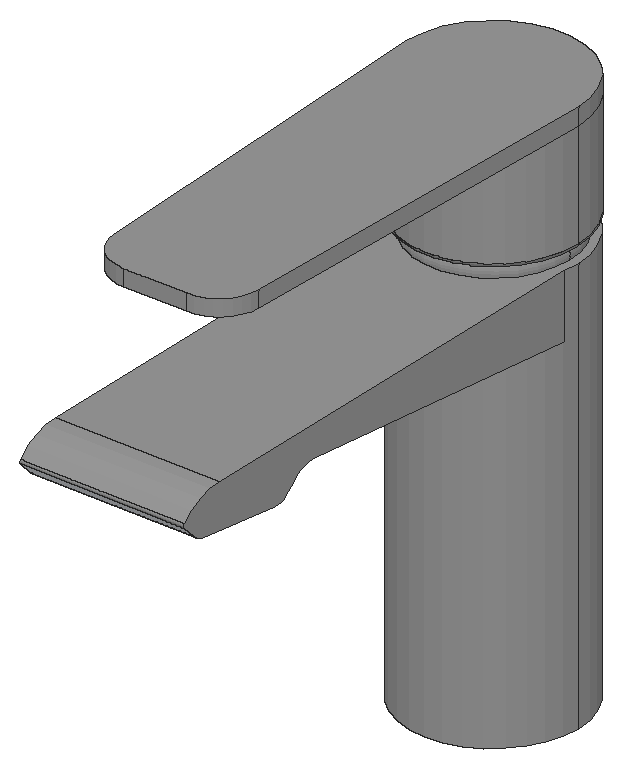
Revit family "LAV URBAN", category Plumbing Fixtures, Revit 2019
Family settings
  Round Connector Dimension = Use Diameter
  Part Type = Normal
  OmniClass Number = 23.45.00.00
  OmniClass Title = Sanitary, Laundry, and Cleaning Equipment
  Work Plane-Based = No
  Always vertical = Yes
  Cut with Voids When Loaded = No
  Shared = No
  Room Calculation Point = No
Reference planes
  plane 1 "Center (Front/Back)": y = 0
  plane 2: z = 0
  plane 3 "Center (Left/Right)": x = 0
Forms (mm)
  Revolve 1, solid
    sketch origin (0, 0, 0) x (1, 0, 0) y (0, 0, 1)
      loop
        line (0, 0) -> (21, 0) -> (21, 102.5) -> (18.733, 102.5)
        arc (18.733, 102.5) -> (18.612, 104.438) -> (17.459, 106) r 3.429
        line (17.459, 106) -> (20.103, 106)
        arc (20.103, 106) -> (20.737, 106.263) -> (21, 106.897) r 0.897
        line (21, 106.897) -> (21, 133) -> (0, 133) -> (0, 0)
      axis (0, 0) -> (0, 133)
    angle from 0 to 360
  Extrusion 2, solid
    sketch origin (0, 0, 0) x (0, 1, 0) y (0, 0, 1)
      loop
        line (0, 102.5) -> (-110, 102.5)
        arc (-110, 102.5) -> (-115.813, 101.328) -> (-120.717, 97.995) r 15
        arc (-120.717, 97.995) -> (-120.931, 97.467) -> (-120.712, 96.943) r 0.748
        line (-120.712, 96.943) -> (-117.498, 93.729)
        arc (-117.498, 93.729) -> (-116.384, 92.93) -> (-115.073, 92.53) r 4.218
        line (-115.073, 92.53) -> (-93.08, 89.598)
        arc (-93.08, 89.598) -> (-90.816, 89.818) -> (-88.884, 91.019) r 5
        line (-88.884, 91.019) -> (-87.267, 92.636)
        arc (-87.267, 92.636) -> (-84.28, 94.52) -> (-80.773, 94.935) r 8
        line (-80.773, 94.935) -> (0, 86.445) -> (0, 102.5)
    from -19.774 to 20.597
  Extrusion 3, solid
    sketch origin (0, 0, 0) x (1, 0, 0) y (0, 1, 0)
      loop
        line (-21, 0) -> (-17.705, -94.349)
        arc (-17.705, -94.349) -> (-14.658, -101.193) -> (-7.711, -104) r 10
        line (-7.711, -104) -> (7.711, -104)
        arc (7.711, -104) -> (14.658, -101.193) -> (17.705, -94.349) r 10
        line (17.705, -94.349) -> (21, 0)
        arc (21, 0) -> (0, 21) -> (-21, 0) r 21
    from 133 to 137.025
Cuts and joins
  joined: Revolve 1, Extrusion 2
Dimensions and locks
  aligned and locked: level to plane 2
